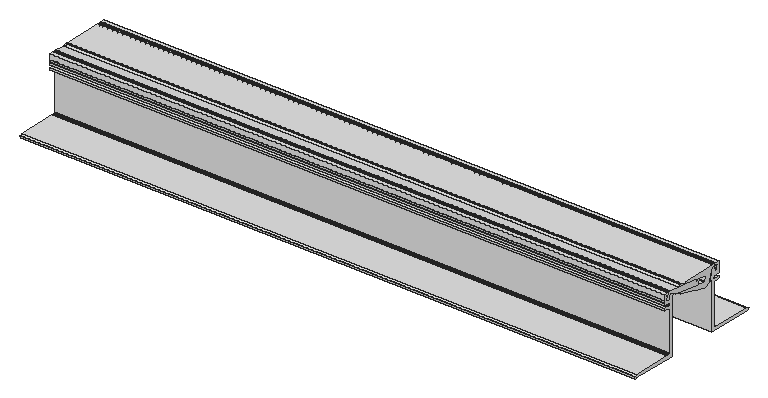
Revit family "Construction-Floors-Conecto-Aluminium Joints ALU AL.110.15", category Specialty Equipment, Revit 2015 (continued)
Definition of nested family "Standard"
  Automatic sketch dimensions
    Extrusion 16 sketch curve to Extrusion 16 sketch curve = 0.302 mm
    level to Extrusion 16 sketch curve = 0.243 mm
    level to Extrusion 16 sketch curve = 0.403 mm
    Extrusion 16 sketch curve to Extrusion 16 sketch curve = 0.912 mm
    Extrusion 16 sketch curve to Extrusion 16 sketch curve = 0.917 mm
    Extrusion 16 sketch curve to Extrusion 16 sketch curve = 2.428 mm
    Extrusion 16 sketch curve to Extrusion 16 sketch curve = 0.795 mm
    Extrusion 16 sketch curve to Extrusion 16 sketch curve = 0.87 mm
    Extrusion 16 sketch curve to Extrusion 16 sketch curve = 2.001 mm
    Extrusion 16 sketch curve to Extrusion 16 sketch curve = 1.1 mm
    Extrusion 16 sketch curve to Extrusion 16 sketch curve = 1.105 mm
    Extrusion 16 sketch curve to Extrusion 16 sketch curve = 1.16 mm
    Extrusion 16 sketch curve to Extrusion 16 sketch curve = 0.798 mm
    Extrusion 16 sketch curve to Extrusion 16 sketch curve = 0.812 mm
    Extrusion 16 sketch curve to Extrusion 16 sketch curve = 1.3 mm
    Extrusion 16 sketch curve to Extrusion 16 sketch curve = 1.589 mm
    Extrusion 16 sketch curve to Extrusion 16 sketch curve = 0.729 mm
    Extrusion 16 sketch curve to Extrusion 16 sketch curve = 0.181 mm
    Extrusion 16 sketch curve to Extrusion 16 sketch curve = 0.71 mm
    Extrusion 16 sketch curve to Extrusion 16 sketch curve = 0.699 mm
    Extrusion 16 sketch curve to Extrusion 16 sketch curve = 0.638 mm
    Extrusion 16 sketch curve to Extrusion 16 sketch curve = 0.506 mm
    Extrusion 16 sketch curve to Extrusion 16 sketch curve = 0.373 mm
    Extrusion 16 sketch curve to Extrusion 16 sketch curve = 0.208 mm
    Extrusion 16 sketch curve to Extrusion 16 sketch curve = 0.144 mm
    Extrusion 16 sketch curve to Extrusion 16 sketch curve = 1.895 mm
    Extrusion 16 sketch curve to Extrusion 16 sketch curve = 0.735 mm
    Extrusion 16 sketch curve to Extrusion 16 sketch curve = 1.073 mm
    Extrusion 16 sketch curve to Extrusion 16 sketch curve = 0.031 mm
    Extrusion 16 sketch curve to Extrusion 16 sketch curve = 0.237 mm
    Extrusion 16 sketch curve to Extrusion 16 sketch curve = 0.765 mm
    Extrusion 16 sketch curve to Extrusion 16 sketch curve = 2.288 mm
    level to Extrusion 17 sketch curve = 10.188 mm
    plane 5 to Extrusion 17 sketch curve = 84.956 mm
    level to Extrusion 17 sketch curve = 14.689 mm
    Extrusion 17 sketch curve to Extrusion 17 sketch curve = 7.796 mm
    plane 5 to Extrusion 17 sketch curve = 22.428 mm
    Extrusion 17 sketch curve to Extrusion 17 sketch curve = 2.023 mm
    Extrusion 17 sketch curve to Extrusion 17 sketch curve = 1.113 mm
    Extrusion 17 sketch curve to Extrusion 17 sketch curve = 1.062 mm
    Extrusion 17 sketch curve to Extrusion 17 sketch curve = 0.775 mm
    level to Extrusion 17 sketch curve = 8.217 mm
    Extrusion 17 sketch curve to Extrusion 17 sketch curve = 0.729 mm
    level to Extrusion 17 sketch curve = 6.988 mm
    Extrusion 17 sketch curve to Extrusion 17 sketch curve = 0.306 mm
    level to Extrusion 17 sketch curve = 3.577 mm
    Extrusion 17 sketch curve to Extrusion 17 sketch curve = 0.298 mm
    level to Extrusion 17 sketch curve = 1.41 mm
    Extrusion 17 sketch curve to Extrusion 17 sketch curve = 0.832 mm
    Extrusion 17 sketch curve to Extrusion 17 sketch curve = 2.714 mm
    Extrusion 17 sketch curve to Extrusion 17 sketch curve = 0.243 mm
    Extrusion 17 sketch curve to Extrusion 17 sketch curve = 0.349 mm
    Extrusion 17 sketch curve to level = 2.757 mm
    Extrusion 17 sketch curve to Extrusion 17 sketch curve = 1.943 mm
    Extrusion 17 sketch curve to Extrusion 17 sketch curve = 0.662 mm
    Extrusion 17 sketch curve to Extrusion 17 sketch curve = 0.732 mm
    Extrusion 17 sketch curve to level = 3.113 mm
    Extrusion 17 sketch curve to Extrusion 17 sketch curve = 0.798 mm  (x2)
    Extrusion 17 sketch curve to Extrusion 17 sketch curve = 0.622 mm
    Extrusion 17 sketch curve to Extrusion 17 sketch curve = 1.103 mm
    Extrusion 17 sketch curve to Extrusion 17 sketch curve = 1.039 mm
    level to Extrusion 17 sketch curve = 3.793 mm
    Extrusion 17 sketch curve to Extrusion 17 sketch curve = 0.511 mm
    Extrusion 17 sketch curve to Extrusion 17 sketch curve = 0.696 mm
    level to Extrusion 17 sketch curve = 2.66 mm
    Extrusion 17 sketch curve to Extrusion 17 sketch curve = 0.528 mm
    Extrusion 17 sketch curve to Extrusion 17 sketch curve = 0.379 mm
    level to Extrusion 17 sketch curve = 2.319 mm
    Extrusion 17 sketch curve to Extrusion 17 sketch curve = 0.766 mm
    Extrusion 17 sketch curve to Extrusion 17 sketch curve = 2.115 mm
    Extrusion 17 sketch curve to Extrusion 17 sketch curve = 0.17 mm  (x2)
    Extrusion 17 sketch curve to Extrusion 17 sketch curve = 4.075 mm
    Extrusion 17 sketch curve to Extrusion 17 sketch curve = 0.077 mm
    Extrusion 17 sketch curve to Extrusion 17 sketch curve = 0.232 mm
    Extrusion 17 sketch curve to Extrusion 17 sketch curve = 0.373 mm
    Extrusion 17 sketch curve to Extrusion 17 sketch curve = 0.289 mm
    Extrusion 17 sketch curve to Extrusion 17 sketch curve = 0.516 mm
    Extrusion 17 sketch curve to Extrusion 17 sketch curve = 0.635 mm
    level to Extrusion 17 sketch curve = 3.038 mm
    Extrusion 17 sketch curve to Extrusion 17 sketch curve = 0.16 mm
    Extrusion 17 sketch curve to Extrusion 17 sketch curve = 1.009 mm
    Extrusion 17 sketch curve to Extrusion 17 sketch curve = 0.845 mm
    Extrusion 17 sketch curve to Extrusion 17 sketch curve = 1.162 mm
    Extrusion 17 sketch curve to Extrusion 17 sketch curve = 1.002 mm
    Extrusion 17 sketch curve to Extrusion 17 sketch curve = 1.018 mm
    plane 5 to Extrusion 17 sketch curve = 1.008 mm
    plane 5 to Extrusion 17 sketch curve = 0.672 mm
    plane 5 to Extrusion 17 sketch curve = 0.328 mm
    plane 5 to Extrusion 17 sketch curve = 0.012 mm
    Extrusion 17 sketch curve to Extrusion 17 sketch curve = 0.76 mm
    Extrusion 17 sketch curve to Extrusion 17 sketch curve = 0.824 mm
    Extrusion 17 sketch curve to Extrusion 17 sketch curve = 0.907 mm
    Extrusion 17 sketch curve to Extrusion 17 sketch curve = 1.22 mm
    Extrusion 17 sketch curve to Extrusion 17 sketch curve = 2.629 mm
    level to Extrusion 17 sketch curve = 6.583 mm
    Extrusion 17 sketch curve to Extrusion 17 sketch curve = 0.878 mm
    Extrusion 17 sketch curve to Extrusion 17 sketch curve = 0.93 mm
    Extrusion 17 sketch curve to Extrusion 17 sketch curve = 1.667 mm
    Extrusion 17 sketch curve to Extrusion 17 sketch curve = 1.629 mm
    Extrusion 17 sketch curve to Extrusion 17 sketch curve = 0.794 mm
    Extrusion 17 sketch curve to Extrusion 17 sketch curve = 0.971 mm
    Extrusion 17 sketch curve to Extrusion 17 sketch curve = 1.003 mm
    Extrusion 17 sketch curve to Extrusion 17 sketch curve = 0.737 mm
    Extrusion 17 sketch curve to Extrusion 17 sketch curve = 1.239 mm
    Extrusion 17 sketch curve to Extrusion 17 sketch curve = 0.423 mm
    Extrusion 17 sketch curve to Extrusion 17 sketch curve = 0.543 mm
    Extrusion 17 sketch curve to Extrusion 17 sketch curve = 0.849 mm
    Extrusion 17 sketch curve to Extrusion 17 sketch curve = 0.788 mm
    Extrusion 17 sketch curve to Extrusion 17 sketch curve = 0.039 mm
    Extrusion 17 sketch curve to Extrusion 17 sketch curve = 0.749 mm
    Extrusion 17 sketch curve to Extrusion 17 sketch curve = 0.475 mm
    Extrusion 17 sketch curve to Extrusion 17 sketch curve = 0.394 mm
    Extrusion 17 sketch curve to Extrusion 17 sketch curve = 0.105 mm
    Extrusion 17 sketch curve to Extrusion 17 sketch curve = 1.841 mm
    Extrusion 17 sketch curve to Extrusion 17 sketch curve = 0.909 mm
    Extrusion 17 sketch curve to Extrusion 17 sketch curve = 0.813 mm
    Extrusion 17 sketch curve to Extrusion 17 sketch curve = 0.946 mm
    Extrusion 17 sketch curve to Extrusion 17 sketch curve = 0.488 mm
    Extrusion 17 sketch curve to Extrusion 17 sketch curve = 1.614 mm
    level to Extrusion 18 sketch curve = 0.662 mm
    plane 5 to Extrusion 18 sketch curve = 74.384 mm
    level to Extrusion 18 sketch curve = 1.351 mm
    Extrusion 18 sketch curve to Extrusion 18 sketch curve = 0.43 mm
    Extrusion 18 sketch curve to level = 0.275 mm
    Extrusion 18 sketch curve to Extrusion 18 sketch curve = 0.937 mm
    level to Extrusion 18 sketch curve = 2.114 mm
    Extrusion 18 sketch curve to Extrusion 18 sketch curve = 2.098 mm
    Extrusion 18 sketch curve to Extrusion 18 sketch curve = 1.054 mm  (x2)
    level to Extrusion 18 sketch curve = 2.225 mm
    plane 5 to Extrusion 18 sketch curve = 17.576 mm
    level to Extrusion 18 sketch curve = 2.477 mm
    Extrusion 18 sketch curve to Extrusion 18 sketch curve = 0.775 mm
    Extrusion 18 sketch curve to Extrusion 18 sketch curve = 0.377 mm
    Extrusion 18 sketch curve to Extrusion 18 sketch curve = 2.284 mm
    Extrusion 18 sketch curve to Extrusion 18 sketch curve = 0.065 mm
    Extrusion 18 sketch curve to Extrusion 18 sketch curve = 0.485 mm
    Extrusion 18 sketch curve to Extrusion 18 sketch curve = 0.623 mm  (x2)
    Extrusion 18 sketch curve to Extrusion 18 sketch curve = 1.105 mm
    Extrusion 18 sketch curve to Extrusion 18 sketch curve = 1.02 mm
    Extrusion 18 sketch curve to Extrusion 18 sketch curve = 0.107 mm
    level to Extrusion 18 sketch curve = 4.544 mm
    Extrusion 18 sketch curve to Extrusion 18 sketch curve = 0.272 mm
    Extrusion 18 sketch curve to Extrusion 18 sketch curve = 0.182 mm
    Extrusion 18 sketch curve to Extrusion 18 sketch curve = 0.098 mm
    level to Extrusion 18 sketch curve = 2.958 mm
    Extrusion 18 sketch curve to Extrusion 18 sketch curve = 0.591 mm
    Extrusion 18 sketch curve to Extrusion 18 sketch curve = 0.332 mm
    Extrusion 18 sketch curve to Extrusion 18 sketch curve = 0.589 mm
    Extrusion 18 sketch curve to Extrusion 18 sketch curve = 2.296 mm
    Extrusion 18 sketch curve to Extrusion 18 sketch curve = 4.118 mm
    Extrusion 18 sketch curve to Extrusion 18 sketch curve = 0.069 mm
    Extrusion 18 sketch curve to Extrusion 18 sketch curve = 0.189 mm
    Extrusion 18 sketch curve to Extrusion 18 sketch curve = 0.132 mm
    Extrusion 18 sketch curve to Extrusion 18 sketch curve = 0.433 mm
    Extrusion 18 sketch curve to Extrusion 18 sketch curve = 0.556 mm
    Extrusion 18 sketch curve to Extrusion 18 sketch curve = 0.586 mm
    Extrusion 18 sketch curve to Extrusion 18 sketch curve = 0.467 mm
    Extrusion 18 sketch curve to Extrusion 18 sketch curve = 0.54 mm
    Extrusion 18 sketch curve to Extrusion 18 sketch curve = 0.734 mm
    Extrusion 18 sketch curve to Extrusion 18 sketch curve = 0.731 mm
    Extrusion 18 sketch curve to Extrusion 18 sketch curve = 0.807 mm
    Extrusion 18 sketch curve to Extrusion 18 sketch curve = 0.833 mm
    Extrusion 18 sketch curve to Extrusion 18 sketch curve = 0.78 mm
    Extrusion 18 sketch curve to Extrusion 18 sketch curve = 0.732 mm
    Extrusion 18 sketch curve to Extrusion 18 sketch curve = 0.914 mm
    plane 5 to Extrusion 18 sketch curve = 0.641 mm
    plane 5 to Extrusion 18 sketch curve = 0.242 mm
    Extrusion 18 sketch curve to Extrusion 18 sketch curve = 0.531 mm
    Extrusion 18 sketch curve to Extrusion 18 sketch curve = 0.532 mm
    Extrusion 18 sketch curve to Extrusion 18 sketch curve = 0.709 mm
    Extrusion 18 sketch curve to Extrusion 18 sketch curve = 0.883 mm
    Extrusion 18 sketch curve to Extrusion 18 sketch curve = 0.643 mm
    Extrusion 18 sketch curve to Extrusion 18 sketch curve = 0.964 mm
    Extrusion 18 sketch curve to Extrusion 18 sketch curve = 0.834 mm
    Extrusion 18 sketch curve to Extrusion 18 sketch curve = 2.188 mm
    Extrusion 18 sketch curve to Extrusion 18 sketch curve = 0.784 mm
    level to Extrusion 18 sketch curve = 7.337 mm
    Extrusion 18 sketch curve to Extrusion 18 sketch curve = 1.019 mm
    Extrusion 18 sketch curve to Extrusion 18 sketch curve = 0.89 mm
    Extrusion 18 sketch curve to Extrusion 18 sketch curve = 1.097 mm
    Extrusion 18 sketch curve to Extrusion 18 sketch curve = 0.938 mm
    Extrusion 18 sketch curve to Extrusion 18 sketch curve = 1.103 mm
    Extrusion 18 sketch curve to Extrusion 18 sketch curve = 0.798 mm
    Extrusion 18 sketch curve to Extrusion 18 sketch curve = 1.151 mm
    Extrusion 18 sketch curve to Extrusion 18 sketch curve = 0.621 mm
    Extrusion 18 sketch curve to Extrusion 18 sketch curve = 0.495 mm
    Extrusion 18 sketch curve to Extrusion 18 sketch curve = 0.64 mm
    Extrusion 18 sketch curve to Extrusion 18 sketch curve = 0.31 mm
    Extrusion 18 sketch curve to Extrusion 18 sketch curve = 0.281 mm
    Extrusion 18 sketch curve to Extrusion 18 sketch curve = 0.157 mm
    Extrusion 18 sketch curve to Extrusion 18 sketch curve = 0.166 mm
    Extrusion 18 sketch curve to Extrusion 18 sketch curve = 0.93 mm
    Extrusion 18 sketch curve to Extrusion 18 sketch curve = 1.828 mm
    Extrusion 18 sketch curve to Extrusion 18 sketch curve = 1.04 mm
    Extrusion 18 sketch curve to Extrusion 18 sketch curve = 0.911 mm
    Extrusion 18 sketch curve to Extrusion 18 sketch curve = 0.491 mm
    Extrusion 18 sketch curve to Extrusion 18 sketch curve = 1.053 mm
    Extrusion 18 sketch curve to Extrusion 18 sketch curve = 1.425 mm
    Extrusion 19 sketch curve to level = 7.121 mm
    plane 5 to Extrusion 19 sketch curve = 74.364 mm
    Extrusion 19 sketch curve to level = 3.379 mm
    Extrusion 19 sketch curve to Extrusion 19 sketch curve = 0.43 mm
    Extrusion 19 sketch curve to level = 2.615 mm
    Extrusion 19 sketch curve to Extrusion 19 sketch curve = 2.098 mm
    Extrusion 19 sketch curve to Extrusion 19 sketch curve = 1.054 mm  (x2)
    Extrusion 19 sketch curve to level = 2.504 mm
    plane 5 to Extrusion 19 sketch curve = 17.556 mm
    Extrusion 19 sketch curve to level = 2.253 mm
    Extrusion 19 sketch curve to Extrusion 19 sketch curve = 0.775 mm
    Extrusion 19 sketch curve to level = 1.544 mm
    Extrusion 19 sketch curve to Extrusion 19 sketch curve = 0.377 mm
    Extrusion 19 sketch curve to Extrusion 19 sketch curve = 2.284 mm
    Extrusion 19 sketch curve to Extrusion 19 sketch curve = 0.065 mm
    Extrusion 19 sketch curve to Extrusion 19 sketch curve = 0.485 mm
    Extrusion 19 sketch curve to Extrusion 19 sketch curve = 0.623 mm  (x2)
    Extrusion 19 sketch curve to Extrusion 19 sketch curve = 1.105 mm
    Extrusion 19 sketch curve to Extrusion 19 sketch curve = 1.02 mm
    Extrusion 19 sketch curve to Extrusion 19 sketch curve = 0.107 mm
    level to Extrusion 19 sketch curve = 4.544 mm
    Extrusion 19 sketch curve to Extrusion 19 sketch curve = 0.272 mm
    Extrusion 19 sketch curve to Extrusion 19 sketch curve = 0.182 mm
    Extrusion 19 sketch curve to Extrusion 19 sketch curve = 0.098 mm
    Extrusion 19 sketch curve to level = 3.963 mm
    Extrusion 19 sketch curve to Extrusion 19 sketch curve = 4.529 mm
    Extrusion 19 sketch curve to level = 4.79 mm
    Extrusion 19 sketch curve to Extrusion 19 sketch curve = 0.102 mm
    Extrusion 19 sketch curve to level = 2.702 mm
    Extrusion 19 sketch curve to Extrusion 19 sketch curve = 0.291 mm
    level to Extrusion 19 sketch curve = 2.957 mm
    Extrusion 19 sketch curve to Extrusion 19 sketch curve = 0.591 mm
    Extrusion 19 sketch curve to level = 5.583 mm
    Extrusion 19 sketch curve to Extrusion 19 sketch curve = 0.304 mm
    Extrusion 19 sketch curve to Extrusion 19 sketch curve = 0.332 mm
    Extrusion 19 sketch curve to level = 1.968 mm
    Extrusion 19 sketch curve to Extrusion 19 sketch curve = 0.574 mm
    level to Extrusion 19 sketch curve = 2.427 mm
    Extrusion 19 sketch curve to Extrusion 19 sketch curve = 0.589 mm
    Extrusion 19 sketch curve to Extrusion 19 sketch curve = 0.534 mm
    Extrusion 19 sketch curve to level = 1.402 mm
    Extrusion 19 sketch curve to Extrusion 19 sketch curve = 0.778 mm
    Extrusion 19 sketch curve to Extrusion 19 sketch curve = 2.296 mm
    Extrusion 19 sketch curve to level = 1.09 mm
    Extrusion 19 sketch curve to Extrusion 19 sketch curve = 1.352 mm
    Extrusion 19 sketch curve to Extrusion 19 sketch curve = 4.118 mm
    Extrusion 19 sketch curve to Extrusion 19 sketch curve = 0.069 mm
    Extrusion 19 sketch curve to Extrusion 19 sketch curve = 0.189 mm
    Extrusion 19 sketch curve to Extrusion 19 sketch curve = 0.132 mm
    Extrusion 19 sketch curve to Extrusion 19 sketch curve = 0.433 mm
    Extrusion 19 sketch curve to level = 1.438 mm
    Extrusion 19 sketch curve to Extrusion 19 sketch curve = 1.397 mm
    Extrusion 19 sketch curve to Extrusion 19 sketch curve = 0.556 mm
    Extrusion 19 sketch curve to Extrusion 19 sketch curve = 0.586 mm
    Extrusion 19 sketch curve to Extrusion 19 sketch curve = 0.467 mm
    Extrusion 19 sketch curve to Extrusion 19 sketch curve = 0.54 mm
    Extrusion 19 sketch curve to Extrusion 19 sketch curve = 4.097 mm
    Extrusion 19 sketch curve to Extrusion 19 sketch curve = 0.116 mm
    Extrusion 19 sketch curve to level = 2.3 mm
    Extrusion 19 sketch curve to Extrusion 19 sketch curve = 1.064 mm
    Extrusion 19 sketch curve to Extrusion 19 sketch curve = 0.693 mm
    Extrusion 19 sketch curve to Extrusion 19 sketch curve = 0.734 mm
    Extrusion 19 sketch curve to Extrusion 19 sketch curve = 0.249 mm
    Extrusion 19 sketch curve to Extrusion 19 sketch curve = 0.731 mm
    Extrusion 19 sketch curve to Extrusion 19 sketch curve = 0.807 mm
    Extrusion 19 sketch curve to Extrusion 19 sketch curve = 0.833 mm
    Extrusion 19 sketch curve to Extrusion 19 sketch curve = 0.78 mm
    Extrusion 19 sketch curve to Extrusion 19 sketch curve = 0.732 mm
    Extrusion 19 sketch curve to Extrusion 19 sketch curve = 0.914 mm
    plane 5 to Extrusion 19 sketch curve = 0.621 mm
    plane 5 to Extrusion 19 sketch curve = 0.222 mm
    Extrusion 19 sketch curve to Extrusion 19 sketch curve = 0.006 mm
    Extrusion 19 sketch curve to Extrusion 19 sketch curve = 0.829 mm
    Extrusion 19 sketch curve to Extrusion 19 sketch curve = 0.931 mm
    Extrusion 19 sketch curve to Extrusion 19 sketch curve = 0.856 mm
    Extrusion 19 sketch curve to Extrusion 19 sketch curve = 0.688 mm
    Extrusion 19 sketch curve to Extrusion 19 sketch curve = 1.414 mm
    Extrusion 19 sketch curve to level = 0.276 mm
    Extrusion 19 sketch curve to Extrusion 19 sketch curve = 0.532 mm
    Extrusion 19 sketch curve to Extrusion 19 sketch curve = 0.883 mm
    Extrusion 19 sketch curve to Extrusion 19 sketch curve = 0.643 mm
    Extrusion 19 sketch curve to Extrusion 19 sketch curve = 0.964 mm
    Extrusion 19 sketch curve to Extrusion 19 sketch curve = 0.834 mm
    Extrusion 19 sketch curve to Extrusion 19 sketch curve = 2.188 mm
    Extrusion 19 sketch curve to Extrusion 19 sketch curve = 0.784 mm
    level to Extrusion 19 sketch curve = 7.337 mm
    Extrusion 19 sketch curve to Extrusion 19 sketch curve = 1.019 mm
    Extrusion 19 sketch curve to Extrusion 19 sketch curve = 0.89 mm
    Extrusion 19 sketch curve to Extrusion 19 sketch curve = 1.097 mm
    Extrusion 19 sketch curve to Extrusion 19 sketch curve = 0.938 mm
    Extrusion 19 sketch curve to Extrusion 19 sketch curve = 1.103 mm
    Extrusion 19 sketch curve to Extrusion 19 sketch curve = 0.798 mm
    Extrusion 19 sketch curve to Extrusion 19 sketch curve = 1.151 mm
    Extrusion 19 sketch curve to Extrusion 19 sketch curve = 0.621 mm
    Extrusion 19 sketch curve to Extrusion 19 sketch curve = 0.495 mm
    Extrusion 19 sketch curve to Extrusion 19 sketch curve = 0.64 mm
    Extrusion 19 sketch curve to Extrusion 19 sketch curve = 0.31 mm
    Extrusion 19 sketch curve to Extrusion 19 sketch curve = 0.281 mm
    Extrusion 19 sketch curve to Extrusion 19 sketch curve = 0.157 mm
    Extrusion 19 sketch curve to Extrusion 19 sketch curve = 0.166 mm
    Extrusion 19 sketch curve to Extrusion 19 sketch curve = 0.93 mm
    Extrusion 19 sketch curve to Extrusion 19 sketch curve = 1.828 mm
    Extrusion 19 sketch curve to Extrusion 19 sketch curve = 1.04 mm
    Extrusion 19 sketch curve to Extrusion 19 sketch curve = 0.911 mm
    Extrusion 19 sketch curve to Extrusion 19 sketch curve = 0.491 mm
    Extrusion 19 sketch curve to Extrusion 19 sketch curve = 1.053 mm
    Extrusion 19 sketch curve to Extrusion 19 sketch curve = 2.626 mm
    Extrusion 20 sketch curve to level = 14.787 mm
    plane 5 to Extrusion 20 sketch curve = 74.226 mm
    Extrusion 20 sketch curve to level = 15.136 mm
    Extrusion 20 sketch curve to Extrusion 20 sketch curve = 0.749 mm
    Extrusion 20 sketch curve to level = 11.284 mm
    Extrusion 20 sketch curve to Extrusion 20 sketch curve = 1.78 mm
    Extrusion 20 sketch curve to Extrusion 20 sketch curve = 1.537 mm
    Extrusion 20 sketch curve to level = 10.681 mm
    Extrusion 20 sketch curve to Extrusion 20 sketch curve = 1.854 mm
    plane 5 to Extrusion 20 sketch curve = 16.416 mm
    Extrusion 20 sketch curve to Extrusion 20 sketch curve = 0.43 mm
    Extrusion 20 sketch curve to Extrusion 20 sketch curve = 2.284 mm
    Extrusion 20 sketch curve to Extrusion 20 sketch curve = 0.065 mm
    Extrusion 20 sketch curve to Extrusion 20 sketch curve = 0.485 mm
    Extrusion 20 sketch curve to Extrusion 20 sketch curve = 0.623 mm  (x2)
    Extrusion 20 sketch curve to level = 3.421 mm
    Extrusion 20 sketch curve to Extrusion 20 sketch curve = 3.012 mm
    Extrusion 20 sketch curve to Extrusion 20 sketch curve = 3.271 mm
    Extrusion 20 sketch curve to Extrusion 20 sketch curve = 1.105 mm
    Extrusion 20 sketch curve to Extrusion 20 sketch curve = 1.02 mm
    Extrusion 20 sketch curve to Extrusion 20 sketch curve = 0.107 mm
    level to Extrusion 20 sketch curve = 4.528 mm
    Extrusion 20 sketch curve to Extrusion 20 sketch curve = 0.272 mm
    Extrusion 20 sketch curve to Extrusion 20 sketch curve = 0.182 mm
    Extrusion 20 sketch curve to Extrusion 20 sketch curve = 0.098 mm
    Extrusion 20 sketch curve to Extrusion 20 sketch curve = 0.803 mm
    Extrusion 20 sketch curve to level = 3.277 mm
    Extrusion 20 sketch curve to Extrusion 20 sketch curve = 1.154 mm
    level to Extrusion 20 sketch curve = 2.942 mm
    Extrusion 20 sketch curve to Extrusion 20 sketch curve = 0.591 mm  (x2)
    Extrusion 20 sketch curve to Extrusion 20 sketch curve = 1.054 mm
    Extrusion 20 sketch curve to Extrusion 20 sketch curve = 0.626 mm
    Extrusion 20 sketch curve to Extrusion 20 sketch curve = 0.332 mm
    level to Extrusion 20 sketch curve = 2.411 mm
    Extrusion 20 sketch curve to Extrusion 20 sketch curve = 0.589 mm
    Extrusion 20 sketch curve to Extrusion 20 sketch curve = 0.908 mm
    Extrusion 20 sketch curve to level = 2.208 mm
    Extrusion 20 sketch curve to Extrusion 20 sketch curve = 2.519 mm
    Extrusion 20 sketch curve to Extrusion 20 sketch curve = 2.296 mm
    Extrusion 20 sketch curve to Extrusion 20 sketch curve = 1.233 mm
    Extrusion 20 sketch curve to Extrusion 20 sketch curve = 4.118 mm
    Extrusion 20 sketch curve to Extrusion 20 sketch curve = 0.069 mm
    Extrusion 20 sketch curve to Extrusion 20 sketch curve = 0.189 mm
    Extrusion 20 sketch curve to Extrusion 20 sketch curve = 0.132 mm
    Extrusion 20 sketch curve to Extrusion 20 sketch curve = 1.181 mm
    Extrusion 20 sketch curve to Extrusion 20 sketch curve = 0.433 mm
    Extrusion 20 sketch curve to Extrusion 20 sketch curve = 0.556 mm
    Extrusion 20 sketch curve to Extrusion 20 sketch curve = 0.586 mm
    Extrusion 20 sketch curve to level = 2.651 mm
    Extrusion 20 sketch curve to Extrusion 20 sketch curve = 2.086 mm
    Extrusion 20 sketch curve to Extrusion 20 sketch curve = 0.54 mm
    Extrusion 20 sketch curve to Extrusion 20 sketch curve = 1.13 mm
    Extrusion 20 sketch curve to Extrusion 20 sketch curve = 0.926 mm
    Extrusion 20 sketch curve to Extrusion 20 sketch curve = 0.734 mm
    Extrusion 20 sketch curve to Extrusion 20 sketch curve = 0.939 mm  (x2)
    Extrusion 20 sketch curve to Extrusion 20 sketch curve = 0.654 mm
    Extrusion 20 sketch curve to Extrusion 20 sketch curve = 0.731 mm
    Extrusion 20 sketch curve to Extrusion 20 sketch curve = 0.456 mm
    Extrusion 20 sketch curve to Extrusion 20 sketch curve = 0.807 mm
    Extrusion 20 sketch curve to Extrusion 20 sketch curve = 0.833 mm
    Extrusion 20 sketch curve to Extrusion 20 sketch curve = 0.78 mm
    Extrusion 20 sketch curve to Extrusion 20 sketch curve = 0.732 mm
    Extrusion 20 sketch curve to Extrusion 20 sketch curve = 0.914 mm
    plane 5 to Extrusion 20 sketch curve = 0.633 mm
    plane 5 to Extrusion 20 sketch curve = 0.234 mm
    Extrusion 20 sketch curve to Extrusion 20 sketch curve = 12.646 mm
    Extrusion 20 sketch curve to Extrusion 20 sketch curve = 1.028 mm
    Extrusion 20 sketch curve to Extrusion 20 sketch curve = 0.44 mm
    Extrusion 20 sketch curve to Extrusion 20 sketch curve = 0.145 mm
    Extrusion 20 sketch curve to Extrusion 20 sketch curve = 0.151 mm
    Extrusion 20 sketch curve to Extrusion 20 sketch curve = 0.462 mm
    Extrusion 20 sketch curve to Extrusion 20 sketch curve = 0.576 mm
    Extrusion 20 sketch curve to Extrusion 20 sketch curve = 0.472 mm
    Extrusion 20 sketch curve to Extrusion 20 sketch curve = 1.607 mm
    Extrusion 20 sketch curve to Extrusion 20 sketch curve = 1.617 mm
    Extrusion 20 sketch curve to Extrusion 20 sketch curve = 1.074 mm
    Extrusion 20 sketch curve to Extrusion 20 sketch curve = 0.934 mm
    Extrusion 20 sketch curve to level = 0.291 mm
    Extrusion 20 sketch curve to Extrusion 20 sketch curve = 0.532 mm
    Extrusion 20 sketch curve to Extrusion 20 sketch curve = 0.883 mm
    Extrusion 20 sketch curve to Extrusion 20 sketch curve = 0.643 mm
    Extrusion 20 sketch curve to Extrusion 20 sketch curve = 0.161 mm
    Extrusion 20 sketch curve to Extrusion 20 sketch curve = 0.964 mm
    Extrusion 20 sketch curve to Extrusion 20 sketch curve = 0.834 mm
    Extrusion 20 sketch curve to Extrusion 20 sketch curve = 2.188 mm
    Extrusion 20 sketch curve to Extrusion 20 sketch curve = 0.784 mm
    level to Extrusion 20 sketch curve = 7.321 mm
    Extrusion 20 sketch curve to Extrusion 20 sketch curve = 1.019 mm
    Extrusion 20 sketch curve to Extrusion 20 sketch curve = 0.89 mm
    Extrusion 20 sketch curve to Extrusion 20 sketch curve = 1.097 mm
    Extrusion 20 sketch curve to Extrusion 20 sketch curve = 0.938 mm
    Extrusion 20 sketch curve to Extrusion 20 sketch curve = 1.103 mm
    Extrusion 20 sketch curve to Extrusion 20 sketch curve = 0.798 mm
    Extrusion 20 sketch curve to Extrusion 20 sketch curve = 1.151 mm
    Extrusion 20 sketch curve to Extrusion 20 sketch curve = 0.621 mm
    Extrusion 20 sketch curve to Extrusion 20 sketch curve = 0.495 mm
    Extrusion 20 sketch curve to Extrusion 20 sketch curve = 0.64 mm
    Extrusion 20 sketch curve to Extrusion 20 sketch curve = 0.31 mm
    Extrusion 20 sketch curve to Extrusion 20 sketch curve = 0.281 mm
    Extrusion 20 sketch curve to Extrusion 20 sketch curve = 0.157 mm
    Extrusion 20 sketch curve to Extrusion 20 sketch curve = 0.166 mm
    Extrusion 20 sketch curve to Extrusion 20 sketch curve = 0.93 mm
    Extrusion 20 sketch curve to Extrusion 20 sketch curve = 1.828 mm
    Extrusion 20 sketch curve to Extrusion 20 sketch curve = 1.04 mm
    Extrusion 20 sketch curve to Extrusion 20 sketch curve = 0.911 mm
    Extrusion 20 sketch curve to Extrusion 20 sketch curve = 0.491 mm
    Extrusion 20 sketch curve to Extrusion 20 sketch curve = 1.053 mm
    Extrusion 20 sketch curve to Extrusion 20 sketch curve = 2.626 mm
    plane 6 to Extrusion 21 sketch curve = 76.237 mm
    Extrusion 21 sketch curve to Extrusion 21 sketch curve = 0.134 mm
    Extrusion 21 sketch curve to Extrusion 21 sketch curve = 0.685 mm  (x2)
    Extrusion 21 sketch curve to Extrusion 21 sketch curve = 0.826 mm
    Extrusion 21 sketch curve to Extrusion 21 sketch curve = 1.425 mm
    Extrusion 21 sketch curve to Extrusion 21 sketch curve = 2.078 mm
    plane 6 to Extrusion 21 sketch curve = 16.425 mm
    Extrusion 21 sketch curve to level = 5.747 mm
    Extrusion 21 sketch curve to Extrusion 21 sketch curve = 0.009 mm
    level to Extrusion 21 sketch curve = 2.04 mm
    Extrusion 21 sketch curve to Extrusion 21 sketch curve = 0.041 mm
    Extrusion 21 sketch curve to level = 1.308 mm
    Extrusion 21 sketch curve to Extrusion 21 sketch curve = 0.911 mm  (x2)
    Extrusion 21 sketch curve to Extrusion 21 sketch curve = 2.3 mm
    Extrusion 21 sketch curve to Extrusion 21 sketch curve = 2.339 mm
    Extrusion 21 sketch curve to Extrusion 21 sketch curve = 0.027 mm
    Extrusion 21 sketch curve to Extrusion 21 sketch curve = 0.499 mm
    Extrusion 21 sketch curve to Extrusion 21 sketch curve = 0.837 mm
    Extrusion 21 sketch curve to Extrusion 21 sketch curve = 0.786 mm  (x2)
    Extrusion 21 sketch curve to Extrusion 21 sketch curve = 0.774 mm  (x2)
    Extrusion 21 sketch curve to Extrusion 21 sketch curve = 0.425 mm
    Extrusion 21 sketch curve to Extrusion 21 sketch curve = 0.097 mm
    Extrusion 21 sketch curve to level = 4.708 mm
    Extrusion 21 sketch curve to Extrusion 21 sketch curve = 0.246 mm
    Extrusion 21 sketch curve to Extrusion 21 sketch curve = 0.831 mm
    Extrusion 21 sketch curve to level = 3.635 mm
    Extrusion 21 sketch curve to Extrusion 21 sketch curve = 0.349 mm
    Extrusion 21 sketch curve to Extrusion 21 sketch curve = 0.778 mm
    Extrusion 21 sketch curve to level = 2.711 mm
    Extrusion 21 sketch curve to Extrusion 21 sketch curve = 0.491 mm  (x2)
    plane 6 to Extrusion 21 sketch curve = 11.198 mm
    Extrusion 21 sketch curve to Extrusion 21 sketch curve = 0.697 mm
    Extrusion 21 sketch curve to Extrusion 21 sketch curve = 3.355 mm
    Extrusion 21 sketch curve to level = 2.329 mm
    Extrusion 21 sketch curve to Extrusion 21 sketch curve = 0.719 mm
    Extrusion 21 sketch curve to Extrusion 21 sketch curve = 0.595 mm
    Extrusion 21 sketch curve to Extrusion 21 sketch curve = 0.672 mm
    Extrusion 21 sketch curve to Extrusion 21 sketch curve = 0.908 mm
    Extrusion 21 sketch curve to Extrusion 21 sketch curve = 0.74 mm
    Extrusion 21 sketch curve to Extrusion 21 sketch curve = 0.885 mm  (x2)
    Extrusion 21 sketch curve to Extrusion 21 sketch curve = 0.607 mm
    level to Extrusion 21 sketch curve = 1.543 mm
    Extrusion 21 sketch curve to Extrusion 21 sketch curve = 0.827 mm
    Extrusion 21 sketch curve to Extrusion 21 sketch curve = 2.153 mm
    Extrusion 21 sketch curve to Extrusion 21 sketch curve = 0.459 mm
    Extrusion 21 sketch curve to Extrusion 21 sketch curve = 0.775 mm
    level to Extrusion 21 sketch curve = 1.317 mm
    Extrusion 21 sketch curve to Extrusion 21 sketch curve = 0.787 mm
    Extrusion 21 sketch curve to Extrusion 21 sketch curve = 4.161 mm
    Extrusion 21 sketch curve to Extrusion 21 sketch curve = 0.155 mm
    Extrusion 21 sketch curve to Extrusion 21 sketch curve = 2.645 mm
    Extrusion 21 sketch curve to Extrusion 21 sketch curve = 0.258 mm
    Extrusion 21 sketch curve to Extrusion 21 sketch curve = 0.789 mm
    Extrusion 21 sketch curve to Extrusion 21 sketch curve = 0.379 mm
    Extrusion 21 sketch curve to Extrusion 21 sketch curve = 0.889 mm
    Extrusion 21 sketch curve to Extrusion 21 sketch curve = 0.488 mm
    Extrusion 21 sketch curve to Extrusion 21 sketch curve = 1.704 mm
    Extrusion 21 sketch curve to level = 2.643 mm
    Extrusion 21 sketch curve to Extrusion 21 sketch curve = 0.741 mm
    Extrusion 21 sketch curve to Extrusion 21 sketch curve = 0.656 mm  (x2)
    Extrusion 21 sketch curve to level = 3.382 mm
    Extrusion 21 sketch curve to Extrusion 21 sketch curve = 0.298 mm
    Extrusion 21 sketch curve to Extrusion 21 sketch curve = 0.771 mm
    level to Extrusion 21 sketch curve = 1.619 mm
    Extrusion 21 sketch curve to Extrusion 21 sketch curve = 0.877 mm
    Extrusion 21 sketch curve to Extrusion 21 sketch curve = 0.492 mm
    Extrusion 21 sketch curve to Extrusion 21 sketch curve = 0.714 mm
    Extrusion 21 sketch curve to Extrusion 21 sketch curve = 0.418 mm
    Extrusion 21 sketch curve to Extrusion 21 sketch curve = 0.776 mm
    level to Extrusion 21 sketch curve = 2.093 mm
    Extrusion 21 sketch curve to Extrusion 21 sketch curve = 0.629 mm
    Extrusion 21 sketch curve to Extrusion 21 sketch curve = 0.721 mm
    Extrusion 21 sketch curve to Extrusion 21 sketch curve = 0.523 mm
    Extrusion 21 sketch curve to Extrusion 21 sketch curve = 0.922 mm
    Extrusion 21 sketch curve to Extrusion 21 sketch curve = 0.347 mm
    Extrusion 21 sketch curve to Extrusion 21 sketch curve = 0.484 mm
    Extrusion 21 sketch curve to Extrusion 21 sketch curve = 0.085 mm
    Extrusion 21 sketch curve to Extrusion 21 sketch curve = 0.931 mm
    Extrusion 21 sketch curve to Extrusion 21 sketch curve = 0.833 mm
    Extrusion 21 sketch curve to level = 0.382 mm
    plane 6 to Extrusion 21 sketch curve = 2.025 mm  (x2)
    Extrusion 21 sketch curve to Extrusion 21 sketch curve = 0.81 mm
    plane 6 to Extrusion 21 sketch curve = 0.891 mm  (x2)
    plane 6 to Extrusion 21 sketch curve = 0.11 mm
    Extrusion 21 sketch curve to Extrusion 21 sketch curve = 0.601 mm
    level to Extrusion 21 sketch curve = 2.913 mm
    Extrusion 21 sketch curve to Extrusion 21 sketch curve = 0.78 mm
    Extrusion 21 sketch curve to Extrusion 21 sketch curve = 0.804 mm
    Extrusion 21 sketch curve to Extrusion 21 sketch curve = 0.811 mm
    Extrusion 21 sketch curve to Extrusion 21 sketch curve = 2.532 mm
    Extrusion 21 sketch curve to Extrusion 21 sketch curve = 0.993 mm
    Extrusion 21 sketch curve to Extrusion 21 sketch curve = 0.391 mm
    Extrusion 21 sketch curve to Extrusion 21 sketch curve = 0.063 mm
    Extrusion 21 sketch curve to Extrusion 21 sketch curve = 0.673 mm
    Extrusion 21 sketch curve to Extrusion 21 sketch curve = 0.38 mm
    Extrusion 21 sketch curve to Extrusion 21 sketch curve = 0.252 mm
    Extrusion 21 sketch curve to Extrusion 21 sketch curve = 0.151 mm
    Extrusion 21 sketch curve to Extrusion 21 sketch curve = 3.295 mm
    Extrusion 21 sketch curve to Extrusion 21 sketch curve = 2.553 mm
    Extrusion 21 sketch curve to Extrusion 21 sketch curve = 0.406 mm
    Extrusion 21 sketch curve to Extrusion 21 sketch curve = 3.77 mm
    Extrusion 21 sketch curve to Extrusion 21 sketch curve = 0.794 mm
    Extrusion 21 sketch curve to Extrusion 21 sketch curve = 63.318 mm
    Extrusion 21 sketch curve to Extrusion 21 sketch curve = 1.56 mm
    Extrusion 21 sketch curve to Extrusion 21 sketch curve = 0.918 mm
    Extrusion 21 sketch curve to Extrusion 21 sketch curve = 0.284 mm
    Extrusion 21 sketch curve to Extrusion 21 sketch curve = 0.587 mm
    Extrusion 21 sketch curve to Extrusion 21 sketch curve = 1.2 mm
    Extrusion 21 sketch curve to Extrusion 21 sketch curve = 1.911 mm
    Extrusion 21 sketch curve to Extrusion 21 sketch curve = 0.578 mm
    Extrusion 21 sketch curve to Extrusion 21 sketch curve = 4.832 mm
    Extrusion 21 sketch curve to level = 0.222 mm
    Extrusion 21 sketch curve to Extrusion 21 sketch curve = 0.912 mm
    Extrusion 21 sketch curve to Extrusion 21 sketch curve = 0.917 mm
    Extrusion 21 sketch curve to Extrusion 21 sketch curve = 2.428 mm
    Extrusion 21 sketch curve to Extrusion 21 sketch curve = 0.795 mm
    Extrusion 21 sketch curve to Extrusion 21 sketch curve = 0.87 mm
    Extrusion 21 sketch curve to Extrusion 21 sketch curve = 2.001 mm
    Extrusion 21 sketch curve to Extrusion 21 sketch curve = 1.1 mm
    Extrusion 21 sketch curve to Extrusion 21 sketch curve = 1.105 mm
    Extrusion 21 sketch curve to Extrusion 21 sketch curve = 1.16 mm
    Extrusion 21 sketch curve to Extrusion 21 sketch curve = 0.798 mm
    Extrusion 21 sketch curve to Extrusion 21 sketch curve = 0.812 mm
    Extrusion 21 sketch curve to Extrusion 21 sketch curve = 1.3 mm
    Extrusion 21 sketch curve to Extrusion 21 sketch curve = 1.589 mm
    Extrusion 21 sketch curve to Extrusion 21 sketch curve = 0.729 mm
    Extrusion 21 sketch curve to Extrusion 21 sketch curve = 0.181 mm
    Extrusion 21 sketch curve to Extrusion 21 sketch curve = 0.71 mm
    Extrusion 21 sketch curve to Extrusion 21 sketch curve = 0.699 mm
    Extrusion 21 sketch curve to Extrusion 21 sketch curve = 0.638 mm
    Extrusion 21 sketch curve to Extrusion 21 sketch curve = 0.506 mm
    Extrusion 21 sketch curve to Extrusion 21 sketch curve = 0.373 mm
    Extrusion 21 sketch curve to Extrusion 21 sketch curve = 0.208 mm
    Extrusion 21 sketch curve to Extrusion 21 sketch curve = 0.144 mm
    Extrusion 21 sketch curve to Extrusion 21 sketch curve = 1.895 mm
    Extrusion 21 sketch curve to Extrusion 21 sketch curve = 0.735 mm
    Extrusion 21 sketch curve to Extrusion 21 sketch curve = 1.073 mm
    Extrusion 21 sketch curve to Extrusion 21 sketch curve = 0.031 mm
    Extrusion 21 sketch curve to Extrusion 21 sketch curve = 0.237 mm
    Extrusion 21 sketch curve to Extrusion 21 sketch curve = 0.765 mm
    Extrusion 21 sketch curve to Extrusion 21 sketch curve = 2.288 mm
    plane 6 to Extrusion 22 sketch curve = 76.237 mm
    Extrusion 22 sketch curve to Extrusion 22 sketch curve = 0.134 mm
    Extrusion 22 sketch curve to Extrusion 22 sketch curve = 0.685 mm  (x2)
    Extrusion 22 sketch curve to Extrusion 22 sketch curve = 0.826 mm
    Extrusion 22 sketch curve to Extrusion 22 sketch curve = 1.425 mm
    Extrusion 22 sketch curve to Extrusion 22 sketch curve = 2.071 mm
    level to Extrusion 22 sketch curve = 6.536 mm
    plane 6 to Extrusion 22 sketch curve = 16.425 mm
    Extrusion 22 sketch curve to level = 5.747 mm
    Extrusion 22 sketch curve to Extrusion 22 sketch curve = 0.009 mm
    level to Extrusion 22 sketch curve = 2.04 mm
    Extrusion 22 sketch curve to Extrusion 22 sketch curve = 0.041 mm
    Extrusion 22 sketch curve to level = 1.308 mm
    Extrusion 22 sketch curve to Extrusion 22 sketch curve = 0.911 mm  (x2)
    Extrusion 22 sketch curve to Extrusion 22 sketch curve = 2.3 mm
    Extrusion 22 sketch curve to Extrusion 22 sketch curve = 2.339 mm
    Extrusion 22 sketch curve to Extrusion 22 sketch curve = 0.027 mm
    Extrusion 22 sketch curve to Extrusion 22 sketch curve = 0.499 mm
    Extrusion 22 sketch curve to Extrusion 22 sketch curve = 0.837 mm
    Extrusion 22 sketch curve to Extrusion 22 sketch curve = 0.786 mm  (x2)
    Extrusion 22 sketch curve to Extrusion 22 sketch curve = 0.774 mm  (x2)
    Extrusion 22 sketch curve to Extrusion 22 sketch curve = 0.425 mm
    Extrusion 22 sketch curve to Extrusion 22 sketch curve = 0.097 mm
    Extrusion 22 sketch curve to level = 4.708 mm
    Extrusion 22 sketch curve to Extrusion 22 sketch curve = 0.246 mm
    Extrusion 22 sketch curve to Extrusion 22 sketch curve = 0.831 mm
    Extrusion 22 sketch curve to level = 3.635 mm
    Extrusion 22 sketch curve to Extrusion 22 sketch curve = 0.349 mm
    Extrusion 22 sketch curve to Extrusion 22 sketch curve = 0.778 mm
    Extrusion 22 sketch curve to level = 2.711 mm
    Extrusion 22 sketch curve to Extrusion 22 sketch curve = 0.491 mm  (x2)
    Extrusion 22 sketch curve to Extrusion 22 sketch curve = 0.697 mm
    Extrusion 22 sketch curve to Extrusion 22 sketch curve = 3.355 mm
    Extrusion 22 sketch curve to level = 2.329 mm
    Extrusion 22 sketch curve to Extrusion 22 sketch curve = 0.719 mm
    Extrusion 22 sketch curve to Extrusion 22 sketch curve = 0.595 mm
    Extrusion 22 sketch curve to Extrusion 22 sketch curve = 0.672 mm
    Extrusion 22 sketch curve to Extrusion 22 sketch curve = 0.908 mm
    Extrusion 22 sketch curve to Extrusion 22 sketch curve = 0.74 mm
    Extrusion 22 sketch curve to Extrusion 22 sketch curve = 0.885 mm  (x2)
    Extrusion 22 sketch curve to Extrusion 22 sketch curve = 0.607 mm
    level to Extrusion 22 sketch curve = 1.543 mm
    Extrusion 22 sketch curve to Extrusion 22 sketch curve = 0.827 mm
    Extrusion 22 sketch curve to Extrusion 22 sketch curve = 0.459 mm
    plane 6 to Extrusion 22 sketch curve = 8.705 mm
    Extrusion 22 sketch curve to Extrusion 22 sketch curve = 0.775 mm
    level to Extrusion 22 sketch curve = 1.317 mm
    Extrusion 22 sketch curve to Extrusion 22 sketch curve = 0.787 mm
    Extrusion 22 sketch curve to Extrusion 22 sketch curve = 4.161 mm
    Extrusion 22 sketch curve to Extrusion 22 sketch curve = 0.155 mm
    Extrusion 22 sketch curve to Extrusion 22 sketch curve = 2.645 mm
    Extrusion 22 sketch curve to Extrusion 22 sketch curve = 0.258 mm
    Extrusion 22 sketch curve to Extrusion 22 sketch curve = 0.789 mm
    Extrusion 22 sketch curve to Extrusion 22 sketch curve = 0.379 mm
    Extrusion 22 sketch curve to Extrusion 22 sketch curve = 0.889 mm
    Extrusion 22 sketch curve to Extrusion 22 sketch curve = 0.488 mm
    Extrusion 22 sketch curve to level = 2.643 mm
    Extrusion 22 sketch curve to Extrusion 22 sketch curve = 0.741 mm
    Extrusion 22 sketch curve to Extrusion 22 sketch curve = 0.656 mm  (x2)
    Extrusion 22 sketch curve to level = 3.382 mm
    Extrusion 22 sketch curve to Extrusion 22 sketch curve = 0.298 mm
    Extrusion 22 sketch curve to Extrusion 22 sketch curve = 2.115 mm
    level to Extrusion 22 sketch curve = 1.619 mm
    Extrusion 22 sketch curve to Extrusion 22 sketch curve = 0.877 mm
    Extrusion 22 sketch curve to Extrusion 22 sketch curve = 0.492 mm
    Extrusion 22 sketch curve to Extrusion 22 sketch curve = 0.714 mm
    Extrusion 22 sketch curve to Extrusion 22 sketch curve = 0.273 mm
    Extrusion 22 sketch curve to Extrusion 22 sketch curve = 0.776 mm
    level to Extrusion 22 sketch curve = 2.093 mm
    Extrusion 22 sketch curve to Extrusion 22 sketch curve = 0.629 mm
    Extrusion 22 sketch curve to Extrusion 22 sketch curve = 0.721 mm
    Extrusion 22 sketch curve to Extrusion 22 sketch curve = 0.523 mm
    Extrusion 22 sketch curve to Extrusion 22 sketch curve = 0.922 mm
    Extrusion 22 sketch curve to Extrusion 22 sketch curve = 0.347 mm
    Extrusion 22 sketch curve to Extrusion 22 sketch curve = 0.484 mm
    Extrusion 22 sketch curve to Extrusion 22 sketch curve = 0.085 mm
    Extrusion 22 sketch curve to Extrusion 22 sketch curve = 0.931 mm
    Extrusion 22 sketch curve to Extrusion 22 sketch curve = 0.833 mm
    plane 6 to Extrusion 22 sketch curve = 2.025 mm  (x2)
    Extrusion 22 sketch curve to level = 0.382 mm
    Extrusion 22 sketch curve to Extrusion 22 sketch curve = 0.81 mm
    plane 6 to Extrusion 22 sketch curve = 0.891 mm  (x2)
    plane 6 to Extrusion 22 sketch curve = 0.11 mm
    Extrusion 22 sketch curve to Extrusion 22 sketch curve = 0.218 mm
    Extrusion 22 sketch curve to Extrusion 22 sketch curve = 0.428 mm
    Extrusion 22 sketch curve to Extrusion 22 sketch curve = 0.38 mm
    Extrusion 22 sketch curve to Extrusion 22 sketch curve = 0.252 mm
    Extrusion 22 sketch curve to Extrusion 22 sketch curve = 0.151 mm
    Extrusion 22 sketch curve to Extrusion 22 sketch curve = 1.986 mm
    Extrusion 22 sketch curve to Extrusion 22 sketch curve = 2.553 mm
    Extrusion 22 sketch curve to Extrusion 22 sketch curve = 0.406 mm
    Extrusion 22 sketch curve to Extrusion 22 sketch curve = 3.77 mm
    Extrusion 22 sketch curve to Extrusion 22 sketch curve = 0.794 mm
    Extrusion 22 sketch curve to Extrusion 22 sketch curve = 53.088 mm
    Extrusion 22 sketch curve to Extrusion 22 sketch curve = 1.637 mm
    Extrusion 22 sketch curve to Extrusion 22 sketch curve = 1.221 mm
    Extrusion 22 sketch curve to Extrusion 22 sketch curve = 1.196 mm
    Extrusion 22 sketch curve to Extrusion 22 sketch curve = 1.911 mm
    Extrusion 22 sketch curve to Extrusion 22 sketch curve = 0.578 mm
    Extrusion 22 sketch curve to Extrusion 22 sketch curve = 0.175 mm
    Extrusion 22 sketch curve to Extrusion 22 sketch curve = 0.673 mm
    Extrusion 22 sketch curve to Extrusion 22 sketch curve = 3.295 mm
    Extrusion 22 sketch curve to Extrusion 22 sketch curve = 0.993 mm
    Extrusion 22 sketch curve to Extrusion 22 sketch curve = 0.811 mm
    Extrusion 22 sketch curve to Extrusion 22 sketch curve = 0.804 mm
    Extrusion 22 sketch curve to Extrusion 22 sketch curve = 2.532 mm
    Extrusion 22 sketch curve to Extrusion 22 sketch curve = 0.601 mm
    Extrusion 22 sketch curve to level = 0.222 mm
    Extrusion 22 sketch curve to Extrusion 22 sketch curve = 0.912 mm
    Extrusion 22 sketch curve to Extrusion 22 sketch curve = 0.917 mm
    Extrusion 22 sketch curve to Extrusion 22 sketch curve = 2.428 mm
    Extrusion 22 sketch curve to Extrusion 22 sketch curve = 0.795 mm
    Extrusion 22 sketch curve to Extrusion 22 sketch curve = 0.87 mm
    Extrusion 22 sketch curve to Extrusion 22 sketch curve = 2.001 mm
    Extrusion 22 sketch curve to Extrusion 22 sketch curve = 1.1 mm
    Extrusion 22 sketch curve to Extrusion 22 sketch curve = 1.105 mm
    Extrusion 22 sketch curve to Extrusion 22 sketch curve = 1.16 mm
    Extrusion 22 sketch curve to Extrusion 22 sketch curve = 0.798 mm
    Extrusion 22 sketch curve to Extrusion 22 sketch curve = 0.812 mm
    Extrusion 22 sketch curve to Extrusion 22 sketch curve = 1.3 mm
    Extrusion 22 sketch curve to Extrusion 22 sketch curve = 1.589 mm
    Extrusion 22 sketch curve to Extrusion 22 sketch curve = 0.729 mm
    Extrusion 22 sketch curve to Extrusion 22 sketch curve = 0.181 mm
    Extrusion 22 sketch curve to Extrusion 22 sketch curve = 0.71 mm
    Extrusion 22 sketch curve to Extrusion 22 sketch curve = 0.699 mm
    Extrusion 22 sketch curve to Extrusion 22 sketch curve = 0.638 mm
    Extrusion 22 sketch curve to Extrusion 22 sketch curve = 0.506 mm
    Extrusion 22 sketch curve to Extrusion 22 sketch curve = 0.373 mm
    Extrusion 22 sketch curve to Extrusion 22 sketch curve = 0.208 mm
    Extrusion 22 sketch curve to Extrusion 22 sketch curve = 0.144 mm
    Extrusion 22 sketch curve to Extrusion 22 sketch curve = 1.895 mm
    Extrusion 22 sketch curve to Extrusion 22 sketch curve = 0.735 mm
    Extrusion 22 sketch curve to Extrusion 22 sketch curve = 1.073 mm
    Extrusion 22 sketch curve to Extrusion 22 sketch curve = 0.031 mm
    Extrusion 22 sketch curve to Extrusion 22 sketch curve = 0.237 mm
    Extrusion 22 sketch curve to Extrusion 22 sketch curve = 0.765 mm
    Extrusion 22 sketch curve to Extrusion 22 sketch curve = 1.007 mm
    plane 6 to Extrusion 23 sketch curve = 76.337 mm
    Extrusion 23 sketch curve to Extrusion 23 sketch curve = 0.134 mm
    Extrusion 23 sketch curve to Extrusion 23 sketch curve = 0.685 mm  (x2)
    Extrusion 23 sketch curve to Extrusion 23 sketch curve = 0.826 mm
    Extrusion 23 sketch curve to Extrusion 23 sketch curve = 1.425 mm
    Extrusion 23 sketch curve to Extrusion 23 sketch curve = 2.203 mm
    level to Extrusion 23 sketch curve = 6.536 mm
    plane 6 to Extrusion 23 sketch curve = 16.425 mm
    Extrusion 23 sketch curve to level = 5.747 mm
    Extrusion 23 sketch curve to Extrusion 23 sketch curve = 0.009 mm
    Extrusion 23 sketch curve to level = 0.222 mm
    Extrusion 23 sketch curve to Extrusion 23 sketch curve = 0.032 mm
    Extrusion 23 sketch curve to level = 1.308 mm
    Extrusion 23 sketch curve to Extrusion 23 sketch curve = 0.911 mm  (x2)
    Extrusion 23 sketch curve to Extrusion 23 sketch curve = 2.3 mm
    Extrusion 23 sketch curve to Extrusion 23 sketch curve = 2.339 mm
    Extrusion 23 sketch curve to Extrusion 23 sketch curve = 0.027 mm
    Extrusion 23 sketch curve to Extrusion 23 sketch curve = 0.499 mm
    Extrusion 23 sketch curve to Extrusion 23 sketch curve = 0.837 mm
    Extrusion 23 sketch curve to Extrusion 23 sketch curve = 0.786 mm  (x2)
    Extrusion 23 sketch curve to Extrusion 23 sketch curve = 0.774 mm  (x2)
    Extrusion 23 sketch curve to Extrusion 23 sketch curve = 0.425 mm
    Extrusion 23 sketch curve to Extrusion 23 sketch curve = 0.097 mm
    Extrusion 23 sketch curve to level = 4.708 mm
    Extrusion 23 sketch curve to Extrusion 23 sketch curve = 0.246 mm
    Extrusion 23 sketch curve to Extrusion 23 sketch curve = 0.831 mm
    Extrusion 23 sketch curve to level = 3.635 mm
    Extrusion 23 sketch curve to Extrusion 23 sketch curve = 0.349 mm
    Extrusion 23 sketch curve to Extrusion 23 sketch curve = 0.778 mm
    Extrusion 23 sketch curve to level = 2.711 mm
    Extrusion 23 sketch curve to Extrusion 23 sketch curve = 0.491 mm  (x2)
    plane 6 to Extrusion 23 sketch curve = 11.216 mm
    Extrusion 23 sketch curve to Extrusion 23 sketch curve = 0.697 mm
    Extrusion 23 sketch curve to Extrusion 23 sketch curve = 3.355 mm
    Extrusion 23 sketch curve to Extrusion 23 sketch curve = 0.719 mm
    Extrusion 23 sketch curve to Extrusion 23 sketch curve = 0.595 mm
    level to Extrusion 23 sketch curve = 2.04 mm
    Extrusion 23 sketch curve to Extrusion 23 sketch curve = 0.672 mm
    Extrusion 23 sketch curve to Extrusion 23 sketch curve = 0.908 mm
    Extrusion 23 sketch curve to Extrusion 23 sketch curve = 0.74 mm
    Extrusion 23 sketch curve to Extrusion 23 sketch curve = 0.885 mm  (x2)
    Extrusion 23 sketch curve to Extrusion 23 sketch curve = 0.607 mm
    level to Extrusion 23 sketch curve = 1.543 mm
    Extrusion 23 sketch curve to Extrusion 23 sketch curve = 0.827 mm
    Extrusion 23 sketch curve to Extrusion 23 sketch curve = 0.459 mm
    Extrusion 23 sketch curve to Extrusion 23 sketch curve = 0.775 mm
    Extrusion 23 sketch curve to Extrusion 23 sketch curve = 2.808 mm
    Extrusion 23 sketch curve to Extrusion 23 sketch curve = 0.787 mm
    Extrusion 23 sketch curve to Extrusion 23 sketch curve = 4.161 mm
    Extrusion 23 sketch curve to Extrusion 23 sketch curve = 0.155 mm
    Extrusion 23 sketch curve to level = 2.329 mm
    Extrusion 23 sketch curve to Extrusion 23 sketch curve = 2.645 mm
    Extrusion 23 sketch curve to Extrusion 23 sketch curve = 0.258 mm
    Extrusion 23 sketch curve to Extrusion 23 sketch curve = 0.789 mm
    Extrusion 23 sketch curve to Extrusion 23 sketch curve = 0.379 mm
    Extrusion 23 sketch curve to Extrusion 23 sketch curve = 0.889 mm
    Extrusion 23 sketch curve to Extrusion 23 sketch curve = 0.488 mm
    Extrusion 23 sketch curve to level = 2.643 mm
    Extrusion 23 sketch curve to Extrusion 23 sketch curve = 0.741 mm
    Extrusion 23 sketch curve to Extrusion 23 sketch curve = 1.325 mm
    Extrusion 23 sketch curve to Extrusion 23 sketch curve = 0.656 mm  (x2)
    Extrusion 23 sketch curve to level = 3.382 mm
    Extrusion 23 sketch curve to Extrusion 23 sketch curve = 0.298 mm
    level to Extrusion 23 sketch curve = 1.619 mm
    Extrusion 23 sketch curve to Extrusion 23 sketch curve = 0.877 mm
    Extrusion 23 sketch curve to Extrusion 23 sketch curve = 0.492 mm
    Extrusion 23 sketch curve to Extrusion 23 sketch curve = 0.714 mm
    Extrusion 23 sketch curve to Extrusion 23 sketch curve = 0.273 mm
    Extrusion 23 sketch curve to Extrusion 23 sketch curve = 0.776 mm
    level to Extrusion 23 sketch curve = 2.093 mm
    Extrusion 23 sketch curve to Extrusion 23 sketch curve = 0.629 mm
    Extrusion 23 sketch curve to Extrusion 23 sketch curve = 0.721 mm
    Extrusion 23 sketch curve to Extrusion 23 sketch curve = 0.523 mm
    Extrusion 23 sketch curve to Extrusion 23 sketch curve = 0.922 mm
    Extrusion 23 sketch curve to Extrusion 23 sketch curve = 0.347 mm
    Extrusion 23 sketch curve to Extrusion 23 sketch curve = 0.484 mm
    Extrusion 23 sketch curve to Extrusion 23 sketch curve = 0.085 mm
    Extrusion 23 sketch curve to Extrusion 23 sketch curve = 0.931 mm
    Extrusion 23 sketch curve to Extrusion 23 sketch curve = 0.833 mm
    plane 6 to Extrusion 23 sketch curve = 2.025 mm  (x2)
    Extrusion 23 sketch curve to level = 0.382 mm
    Extrusion 23 sketch curve to Extrusion 23 sketch curve = 0.81 mm
    plane 6 to Extrusion 23 sketch curve = 0.891 mm  (x2)
    plane 6 to Extrusion 23 sketch curve = 0.11 mm
    Extrusion 23 sketch curve to Extrusion 23 sketch curve = 0.218 mm
    Extrusion 23 sketch curve to Extrusion 23 sketch curve = 0.428 mm
    Extrusion 23 sketch curve to Extrusion 23 sketch curve = 0.38 mm
    Extrusion 23 sketch curve to Extrusion 23 sketch curve = 0.252 mm
    Extrusion 23 sketch curve to Extrusion 23 sketch curve = 0.151 mm
    Extrusion 23 sketch curve to Extrusion 23 sketch curve = 1.986 mm
    Extrusion 23 sketch curve to Extrusion 23 sketch curve = 2.553 mm
    Extrusion 23 sketch curve to Extrusion 23 sketch curve = 0.406 mm
    Extrusion 23 sketch curve to Extrusion 23 sketch curve = 3.77 mm
    Extrusion 23 sketch curve to Extrusion 23 sketch curve = 0.794 mm
    Extrusion 23 sketch curve to Extrusion 23 sketch curve = 44.368 mm
    Extrusion 23 sketch curve to Extrusion 23 sketch curve = 1.15 mm
    level to Extrusion 23 sketch curve = 57.724 mm
    Extrusion 23 sketch curve to Extrusion 23 sketch curve = 0.704 mm
    Extrusion 23 sketch curve to Extrusion 23 sketch curve = 1.272 mm
    Extrusion 23 sketch curve to Extrusion 23 sketch curve = 1.911 mm
    Extrusion 23 sketch curve to Extrusion 23 sketch curve = 0.578 mm
    Extrusion 23 sketch curve to Extrusion 23 sketch curve = 5.129 mm
    Extrusion 23 sketch curve to Extrusion 23 sketch curve = 0.673 mm
    Extrusion 23 sketch curve to Extrusion 23 sketch curve = 3.295 mm
    Extrusion 23 sketch curve to Extrusion 23 sketch curve = 0.993 mm
    Extrusion 23 sketch curve to Extrusion 23 sketch curve = 0.811 mm
    Extrusion 23 sketch curve to Extrusion 23 sketch curve = 0.804 mm
    Extrusion 23 sketch curve to Extrusion 23 sketch curve = 2.532 mm
    Extrusion 23 sketch curve to Extrusion 23 sketch curve = 0.601 mm
    Extrusion 23 sketch curve to Extrusion 23 sketch curve = 0.302 mm
    Extrusion 23 sketch curve to Extrusion 23 sketch curve = 0.912 mm
    Extrusion 23 sketch curve to Extrusion 23 sketch curve = 0.917 mm
    Extrusion 23 sketch curve to Extrusion 23 sketch curve = 2.428 mm
    Extrusion 23 sketch curve to Extrusion 23 sketch curve = 0.795 mm
    Extrusion 23 sketch curve to Extrusion 23 sketch curve = 0.87 mm
    Extrusion 23 sketch curve to Extrusion 23 sketch curve = 2.001 mm
    Extrusion 23 sketch curve to Extrusion 23 sketch curve = 1.1 mm
    Extrusion 23 sketch curve to Extrusion 23 sketch curve = 1.105 mm
    Extrusion 23 sketch curve to Extrusion 23 sketch curve = 1.16 mm
    Extrusion 23 sketch curve to Extrusion 23 sketch curve = 0.798 mm
    Extrusion 23 sketch curve to Extrusion 23 sketch curve = 0.812 mm
    Extrusion 23 sketch curve to Extrusion 23 sketch curve = 1.3 mm
    Extrusion 23 sketch curve to Extrusion 23 sketch curve = 1.589 mm
    Extrusion 23 sketch curve to Extrusion 23 sketch curve = 0.729 mm
    Extrusion 23 sketch curve to Extrusion 23 sketch curve = 0.181 mm
    Extrusion 23 sketch curve to Extrusion 23 sketch curve = 0.71 mm
    Extrusion 23 sketch curve to Extrusion 23 sketch curve = 0.699 mm
    Extrusion 23 sketch curve to Extrusion 23 sketch curve = 0.638 mm
    Extrusion 23 sketch curve to Extrusion 23 sketch curve = 0.506 mm
    Extrusion 23 sketch curve to Extrusion 23 sketch curve = 0.373 mm
    Extrusion 23 sketch curve to Extrusion 23 sketch curve = 0.208 mm
    Extrusion 23 sketch curve to Extrusion 23 sketch curve = 0.144 mm
    Extrusion 23 sketch curve to Extrusion 23 sketch curve = 1.895 mm
    Extrusion 23 sketch curve to Extrusion 23 sketch curve = 0.735 mm
    Extrusion 23 sketch curve to Extrusion 23 sketch curve = 1.073 mm
    Extrusion 23 sketch curve to Extrusion 23 sketch curve = 0.031 mm
    Extrusion 23 sketch curve to Extrusion 23 sketch curve = 0.237 mm
    Extrusion 23 sketch curve to Extrusion 23 sketch curve = 0.765 mm
    Extrusion 23 sketch curve to Extrusion 23 sketch curve = 2.288 mm
    plane 6 to Extrusion 24 sketch curve = 76.26 mm
    Extrusion 24 sketch curve to Extrusion 24 sketch curve = 0.134 mm
    Extrusion 24 sketch curve to Extrusion 24 sketch curve = 0.685 mm  (x2)
    Extrusion 24 sketch curve to Extrusion 24 sketch curve = 0.826 mm
    Extrusion 24 sketch curve to Extrusion 24 sketch curve = 1.425 mm
    Extrusion 24 sketch curve to Extrusion 24 sketch curve = 2.063 mm
    level to Extrusion 24 sketch curve = 6.537 mm
    plane 6 to Extrusion 24 sketch curve = 16.424 mm
    Extrusion 24 sketch curve to level = 5.747 mm
    Extrusion 24 sketch curve to Extrusion 24 sketch curve = 0.009 mm
    Extrusion 24 sketch curve to level = 0.222 mm
    Extrusion 24 sketch curve to Extrusion 24 sketch curve = 0.032 mm
    Extrusion 24 sketch curve to level = 1.308 mm
    Extrusion 24 sketch curve to Extrusion 24 sketch curve = 0.911 mm  (x2)
    Extrusion 24 sketch curve to Extrusion 24 sketch curve = 2.3 mm
    Extrusion 24 sketch curve to Extrusion 24 sketch curve = 2.339 mm
    Extrusion 24 sketch curve to Extrusion 24 sketch curve = 0.027 mm
    Extrusion 24 sketch curve to Extrusion 24 sketch curve = 0.499 mm
    Extrusion 24 sketch curve to Extrusion 24 sketch curve = 0.837 mm
    Extrusion 24 sketch curve to Extrusion 24 sketch curve = 0.786 mm  (x2)
    Extrusion 24 sketch curve to Extrusion 24 sketch curve = 0.774 mm  (x2)
    Extrusion 24 sketch curve to Extrusion 24 sketch curve = 0.425 mm
    Extrusion 24 sketch curve to Extrusion 24 sketch curve = 0.097 mm
    Extrusion 24 sketch curve to level = 4.708 mm
    Extrusion 24 sketch curve to Extrusion 24 sketch curve = 0.246 mm
    Extrusion 24 sketch curve to Extrusion 24 sketch curve = 0.831 mm
    Extrusion 24 sketch curve to level = 3.634 mm
    Extrusion 24 sketch curve to Extrusion 24 sketch curve = 0.349 mm
    Extrusion 24 sketch curve to Extrusion 24 sketch curve = 0.778 mm
    Extrusion 24 sketch curve to level = 2.711 mm
    Extrusion 24 sketch curve to Extrusion 24 sketch curve = 0.491 mm  (x2)
    plane 6 to Extrusion 24 sketch curve = 11.111 mm
    Extrusion 24 sketch curve to Extrusion 24 sketch curve = 0.697 mm
    Extrusion 24 sketch curve to Extrusion 24 sketch curve = 3.355 mm
    Extrusion 24 sketch curve to level = 2.328 mm
    Extrusion 24 sketch curve to Extrusion 24 sketch curve = 0.719 mm
